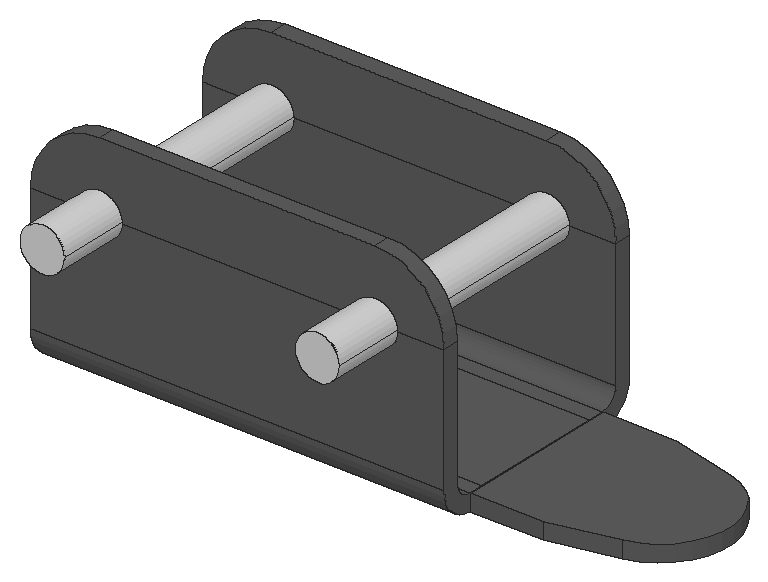
Revit family "EV_LGR PUSH-PULL PROP SHOE_1856125", category Modelos genéricos, Revit 2018
Family settings
  Puede alojar armadura = No
  Cota de conector redondo = Diámetro de uso
  Tipo de pieza = Normal
  Número OmniClass = 35.51.14.00
  Título OmniClass = FORMWORK
  Se basa en plano de trabajo = Sí
  Siempre vertical = No
  Corte con vacíos al cargar = No
  Compartido = Sí
  Punto de cálculo de habitación = No
Parameters
  VERSION = "20170217"  # constant formula
  URL = "www.ulmaconstruction.com/en"
  UNICLASS = ""
  Fabricante = "ULMA CONSTRUCTION"  # constant formula
  ITEM_WEIGHT = 2.20 kg
  ITEM_CODE = "1856125"
  FILTER [instance] = ""
  Default Elevation = 0 mm
  CLASSIFICATION_TITLE = ""
  CLASSIFICATION_NUMBER = ""
Reference planes
  plane 1 "Centro (Frontal/Posterior)": y = 0
  plane 2: z = 0
  plane 3 "Centro (Izquierda/Derecha)": x = 0
  plane 4: y = 36
  plane 5: y = -36
Forms (mm)
  Extrusion 1, solid, material "ULMA BLACK"
    sketch origin (0, 0, 0) x (1, 0, 0) y (0, 1, 0)
      loop
        line (75, 30) -> (75, -30) -> (101.646, -30) -> (125.725, -24.336)
        arc (125.725, -24.336) -> (145, 0) -> (125.725, 24.336) r 25
        line (125.725, 24.336) -> (101.646, 30) -> (75, 30)
    from 0 to 6
  Extrusion 2, solid, material "ULMA ZINC", detail levels fine
    sketch origin (4267.2, -20, 64.09) x (0, 0, -1) y (1, 0, 0)
      loop
        line (-7.285, -4317.2) -> (-0.357, -4329.2) -> (12.537, -4329.2) -> (19.465, -4317.2) -> (12.537, -4305.2) -> (-0.357, -4305.2) -> (-7.285, -4317.2)
    from -72 to -62.4
  Extrusion 3, solid, material "ULMA ZINC", detail levels fine
    sketch origin (4267.2, -20, 64.09) x (0, 0, -1) y (1, 0, 0)
      loop
        circle (6.09, -4317.2) r 8
    from 48 to -62.4
  Extrusion 4, solid, material "ULMA ZINC", detail levels fine
    sketch origin (-4267.2, -20, 64.09) x (0, 0, -1) y (1, 0, 0)
      loop
        line (-7.285, 4317.2) -> (-0.357, 4305.2) -> (12.537, 4305.2) -> (19.465, 4317.2) -> (12.537, 4329.2) -> (-0.357, 4329.2) -> (-7.285, 4317.2)
    from -72 to -62.4
  Extrusion 5, solid, material "ULMA ZINC", detail levels fine
    sketch origin (-4267.2, -20, 64.09) x (0, 0, -1) y (1, 0, 0)
      loop
        circle (6.09, 4317.2) r 8
    from 48 to -62.4
  Extrusion 6, solid, material "ULMA BLACK", detail levels fine
    sketch origin (0, 0, 0) x (0, 1, 0) y (0, 0, 1)
      loop
        line (-42, 83) -> (-42, 58) -> (-42, 12)
        arc (-42, 12) -> (-38.485, 3.515) -> (-30, 0) r 12
        line (-30, 0) -> (-24.336, 0) -> (24.336, 0) -> (30, 0)
        arc (30, 0) -> (38.485, 3.515) -> (42, 12) r 12
        line (42, 12) -> (42, 58) -> (42, 83) -> (36, 83) -> (36, 58) -> (36, 12)
        arc (36, 12) -> (34.243, 7.757) -> (30, 6) r 6
        line (30, 6) -> (24.336, 6) -> (-24.336, 6) -> (-30, 6)
        arc (-30, 6) -> (-34.243, 7.757) -> (-36, 12) r 6
        line (-36, 12) -> (-36, 58) -> (-36, 83) -> (-42, 83)
    from 75 to -75
  Extrusion 7, void
    sketch origin (4254.843, -36, 76.09) x (0, 0, -1) y (1, 0, 0)
      loop
        line (-6.91, -4179.843) -> (-6.91, -4204.843)
        arc (-6.91, -4204.843) -> (0.412, -4187.165) -> (18.09, -4179.843) r 25
        line (18.09, -4179.843) -> (-6.91, -4179.843)
    from 6 to -78.4
  Extrusion 8, void
    sketch origin (4254.843, -36, 76.09) x (0, 0, -1) y (1, 0, 0)
      loop
        line (-6.91, -4304.843) -> (-6.91, -4329.843) -> (18.09, -4329.843)
        arc (18.09, -4329.843) -> (0.412, -4322.52) -> (-6.91, -4304.843) r 25
    from 6 to -78
  Extrusion 9, solid, material "ULMA BLACK", detail levels coarse+medium
    sketch origin (0, 0, 0) x (0, 1, 0) y (0, 0, 1)
      loop
        line (-42, 83) -> (-42, 0) -> (42, 0) -> (42, 83) -> (36, 83) -> (36, 6) -> (-36, 6) -> (-36, 83) -> (-42, 83)
    from 75 to -75
Cuts and joins
  Extrusion 7, Extrusion 8 cuts Extrusion 1
  Extrusion 7, Extrusion 8 cuts Extrusion 6
Lines and regions (mm)
  model lines, style "ULMA PUSH-PULL PROP", detail levels fine
    curve 1: circle (120, 0, 0) r 10.5 normal (0, 0, 1)
    curve 2: circle (120, 0, 6) r 10.5 normal (0, 0, 1)
Dimensions and locks
  aligned and locked: level to plane 2
